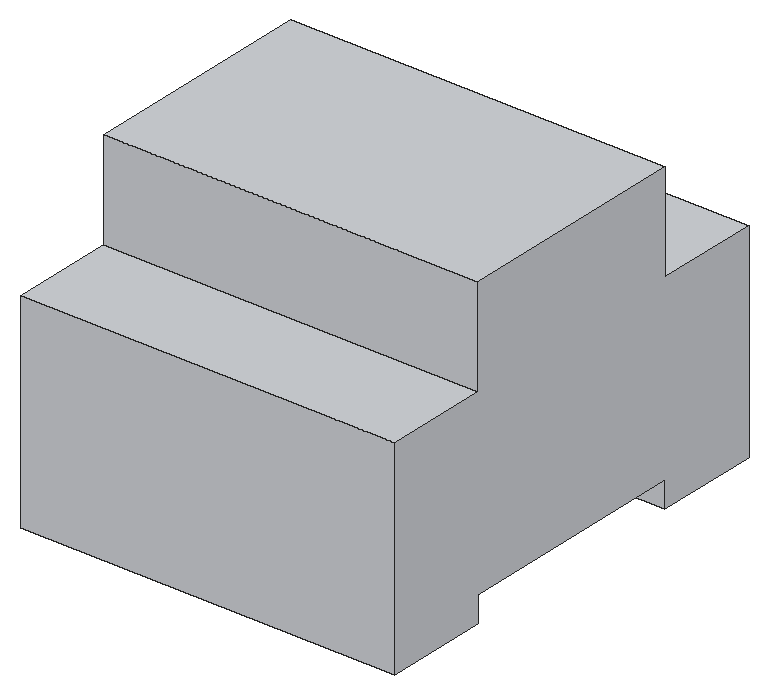
Revit family "Power-ModularDevices-GEWISS-90AM-ENERGY_METER_DIGITAL_THREE_PHASE", category Apparecchi elettrici, host Superficie, Revit 2016
Family settings
  Host = Superficie
  Mantenere orientamento annotazione = Sì
  Tipo di parte = Normale
  Quota connettore circolare = Usa diametro
  Numero OmniClass = 23.80.30.00
  Titolo OmniClass = Distribution Devices
  Taglio con vuoti quando caricato = No
  Condiviso = No
  Punto di calcolo locali = Sì
Parameters (values of type "GWD6809 - MID THREE PHASE METER INDIR. CT/5A 4M")
  dIST sIMBOLO [instance] = 6.4 mm  # constant formula
  Version file RFA = "18.0"
  URL = "https://www.gewiss.com/ww/en"
  Technical sheet = "https://www.gewiss.com/ww/en/search?q=GWD6809"
  TIPO = 90AM CONTATORI DI ENERGIA TRIFASE DIGITALE_GENERICO : GWD6808 - CONTATORE ENERGIA TRIF.INDIR.TA/5A 4M
  TEXT LABEL = ""
  Realized by GEWISS S.p.A. = ""
  Rated voltage = "400Vac"
  Default Elevation = 1219.2 mm
  Produttore = "GEWISS S.p.A."
  Potenza in Watt = 0 V
  Numero poli = 3
  No. Chorus modules = "4"
  Modello = "GWD6809"
  Insertion = "With TA/5A"
  Immagine tipo = GWD6808.jpg
  IFC.TypeObject = ""
  IFC.ExportType = ""
  IFC.ExportAs = ""
  IDT = "afdb2495-6e31-48e6-913b-854a097ff101"
  IDF = "e69c6942-c351-426b-8c99-b51ee961c434"
  Fin_Amperometro = none
  Electrocod = "163                 "
  EAN code = "8011564886780"
  Dist_dalla barra din [instance] = 5 mm
  Descrizione = "MID THREE PHASE METER INDIR. CT/5A 4M"
  D = 45 mm  # constant formula
  Catalogue Range = "90 AM"
  Catalogue = "POWER"
  COBie.Tagnumber = ""
  COBie.CreatedOn = ""
  COBie.CreatebBy = ""
  COBie.ComponentRegisterItemID = ""
  COBie.Component.TagNumber = ""
  COBie.Component.Space = ""
  COBie.Component.SerialNumber = ""
  COBie.Component.InstallationDate = ""
  COBie.Component.Description = ""
  COBie.Component.BarCode = ""
  C = 59 mm
  B = 85 mm  # constant formula
  Accuracy rate = "1 (active energy) 2 (reactive energy)"
  A = 18 mm  # constant formula
Reference planes
  plane 1 "Centro (Fronte/Retro)": y = 0
  plane 2: z = 0
  plane 3 "Centro (Sinistra/Destra)": x = 0
Dimensions and locks
  aligned and locked: plane 2 to host face
  aligned and locked: level to host face
  aligned and locked: plane 1 "Centro (Fronte/Retro)" to nested 1
Nested families
  nested 1: "90AM CONTATORI DI ENERGIA TRIFASE DIGITALE_GENERICO" at (0, 0, 0), type <- "TIPO", type "GWD6808 - CONTATORE ENERGIA TRIF.INDIR.TA/5A 4M"
Connectors
  electrical at (0, 42.5, 20), driven by "Numero poli", driven by "Potenza in Watt"
    settings: on nested 1, index 1, voltage 0 V, apparent load 0 VA, apparent load phase1 0 VA, apparent load phase2 0 VA, apparent load phase3 0 VA, power factor 1, load classification "Altro", number of poles 3, system type 31, power factor state 1, is connector primary yes, connector utility no, sub classification motor no, connector description ""
Definition of nested family "90AM CONTATORI DI ENERGIA TRIFASE DIGITALE_GENERICO"
  Parameters (values of type "GWD6808 - CONTATORE ENERGIA TRIF.INDIR.TA/5A 4M")
    Default Elevation = 1219.2 mm
    GWD6808 = yes
    GWD6806 = not(GWD6808)  # no
    Finitura Amperometro = none
    DIST_DALLA BARRA = 5 mm
    D = 45 mm
    C1 = 35 mm
    C = 59 mm
    B = 85 mm
    A = 72 mm
  Types (2, lengths in mm): name | GWD6808 | GWD6806
    GWD6808 - CONTATORE ENERGIA TRIF.INDIR.TA/5A 4M | yes | no
    GWD6806 - CONTATORE ENERGIA TRIF.DIRETTO 80A 4M | no | yes
  Reference planes
    plane 1 "Centro (Fronte/Retro)": y = 0
    plane 2: z = 0
    plane 3 "Centro (Sinistra/Destra)": x = 0
    plane 4: y = -22.5
    plane 5: y = 22.5
    plane 6: y = -32.5
    plane 7: y = 32.5
    plane 8: y = -42.5
    plane 9: y = 42.5
    plane 10 "AMPEROMETRO": z = 59
    plane 11: z = 0
    plane 12: z = 5
    plane 13 "forometria": z = 40
    plane 14: x = -36
    plane 15: x = 36
    plane 16: through (0, -1524, 57.378) normal (-0.6412, 0, 0.7674)
  Forms (mm)
    Extrusion 1, solid, material <- "Finitura Amperometro"
      sketch origin (0, 0, 5) x (0, 1, 0) y (0, 0, 1)
        loop
          line (-22.5, 54) -> (-22.5, 35) -> (-42.5, 35) -> (-42.5, -5) -> (-22.5, -5) -> (-22.5, 0) -> (22.5, 0) -> (22.5, -5) -> (42.5, -5) -> (42.5, 35) -> (22.5, 35) -> (22.5, 54) -> (-22.5, 54)
      from -36 to 36
    Extrusion 2, solid, material <- "Finitura Amperometro", detail levels coarse
      sketch origin (0, 0, 33.929) x (0, -1, 0) y (1, 0, 0)
        loop
          line (-42.5, -36) -> (42.5, -36) -> (42.5, 36) -> (-42.5, 36) -> (-42.5, -36)
      from -28.929 to 25.071
    Extrusion 3, solid, material <- "Finitura Amperometro", detail levels coarse
      sketch origin (0, 0, 0) x (0, 1, 0) y (0, 0, 1)
        loop
          line (-3.75, 57.378) -> (3.75, 57.378) -> (3.75, 59) -> (-3.75, 59) -> (-3.75, 57.378)
      from -4.396 to 4.396
  Cuts and joins
    joined: Extrusion 2, Extrusion 3
  Lines and regions (mm)
    model lines, visible <- "GWD6806", detail levels medium+fine
      curve 1: line (36, -22.5, 59) -> (36, 22.5, 59)
      curve 2: line (-36, 22.5, 59) -> (-36, -22.5, 59)
      curve 3: line (36, 22.5, 59) -> (-36, 22.5, 59)
      curve 4: line (36, -22.5, 59) -> (-36, -22.5, 59)
      curve 90: line (11.991, -20.282, 59) -> (14.097, -19.718, 59)
      curve 91: line (14.097, -19.718, 59) -> (15.639, -18.176, 59)
      curve 92: line (15.639, -18.176, 59) -> (16.203, -16.07, 59)
      curve 93: line (16.203, -16.07, 59) -> (15.639, -13.964, 59)
      curve 94: line (15.639, -13.964, 59) -> (14.097, -12.422, 59)
      curve 95: line (14.097, -12.422, 59) -> (11.991, -11.858, 59)
      curve 96: line (11.991, -11.858, 59) -> (9.885, -12.422, 59)
      curve 97: line (9.885, -12.422, 59) -> (8.344, -13.964, 59)
      curve 98: line (8.344, -13.964, 59) -> (7.779, -16.07, 59)
      curve 99: line (7.779, -16.07, 59) -> (8.344, -18.176, 59)
      curve 100: line (8.344, -18.176, 59) -> (9.885, -19.718, 59)
      curve 101: line (9.885, -19.718, 59) -> (11.991, -20.282, 59)
      curve 102: line (-21.904, -14.846, 59) -> (-21.13, -14.638, 59)
      curve 103: line (-21.13, -14.638, 59) -> (-20.563, -14.071, 59)
      curve 104: line (-20.563, -14.071, 59) -> (-20.356, -13.297, 59)
      curve 105: line (-20.356, -13.297, 59) -> (-20.563, -12.522, 59)
      curve 106: line (-20.563, -12.522, 59) -> (-21.13, -11.956, 59)
      curve 107: line (-21.13, -11.956, 59) -> (-21.904, -11.748, 59)
      curve 108: line (-21.904, -11.748, 59) -> (-22.679, -11.956, 59)
      curve 109: line (-22.679, -11.956, 59) -> (-23.246, -12.522, 59)
      curve 110: line (-23.246, -12.522, 59) -> (-23.453, -13.297, 59)
      curve 111: line (-23.453, -13.297, 59) -> (-23.246, -14.071, 59)
      curve 112: line (-23.246, -14.071, 59) -> (-22.679, -14.638, 59)
      curve 113: line (-22.679, -14.638, 59) -> (-21.904, -14.846, 59)
      curve 114: line (11.991, -17.619, 59) -> (12.766, -17.411, 59)
      curve 115: line (12.766, -17.411, 59) -> (13.333, -16.844, 59)
      curve 116: line (13.333, -16.844, 59) -> (13.54, -16.07, 59)
      curve 117: line (13.54, -16.07, 59) -> (13.333, -15.296, 59)
      curve 118: line (13.333, -15.296, 59) -> (12.766, -14.729, 59)
      curve 119: line (12.766, -14.729, 59) -> (11.991, -14.521, 59)
      curve 120: line (11.991, -14.521, 59) -> (11.217, -14.729, 59)
      curve 121: line (11.217, -14.729, 59) -> (10.65, -15.296, 59)
      curve 122: line (10.65, -15.296, 59) -> (10.442, -16.07, 59)
      curve 123: line (10.442, -16.07, 59) -> (10.65, -16.844, 59)
      curve 124: line (10.65, -16.844, 59) -> (11.217, -17.411, 59)
      curve 125: line (11.217, -17.411, 59) -> (11.991, -17.619, 59)
      curve 126: line (-29.55, 13.575, 59) -> (-29.55, -5.5, 59)
      curve 127: line (-29.55, -5.5, 59) -> (-0.5, -5.5, 59)
      curve 128: line (-0.5, -5.5, 59) -> (-0.5, 13.575, 59)
      curve 129: line (-0.5, 13.575, 59) -> (-29.55, 13.575, 59)
      curve 517: line (-36, -42.5, 40) -> (36, -42.5, 40)
      curve 518: line (36, 22.5, 40) -> (36, 42.5, 40)
      curve 519: line (36, 42.5, 40) -> (-36, 42.5, 40)
      curve 520: line (-36, 42.5, 40) -> (-36, 22.5, 40)
      curve 521: line (36, 22.5, 40) -> (-36, 22.5, 40)
      curve 522: line (36, -22.5, 40) -> (-36, -22.5, 40)
      curve 523: line (-36, -22.5, 40) -> (-36, -42.5, 40)
      curve 524: line (36, -42.5, 40) -> (36, -22.5, 40)
      curve 525: circle (-26, -33.198, 40) r 3.254 normal (0, 0, 1)
      curve 526: circle (-15.6, -33.198, 40) r 3.254 normal (0, 0, 1)
      curve 527: circle (-5.2, -33.198, 40) r 3.254 normal (0, 0, 1)
      curve 528: circle (5.2, -33.198, 40) r 3.254 normal (0, 0, 1)
      curve 529: circle (15.6, -33.198, 40) r 3.254 normal (0, 0, 1)
      curve 530: circle (26, -33.198, 40) r 3.254 normal (0, 0, 1)
      curve 531: circle (-9.436, 37.064, 40) r 1.608 normal (0, 0, 1)
      curve 532: circle (-2.77, 37.064, 40) r 1.608 normal (0, 0, 1)
      curve 533: circle (3.897, 37.064, 40) r 1.608 normal (0, 0, 1)
      curve 534: circle (10.564, 37.064, 40) r 1.608 normal (0, 0, 1)
      curve 535: circle (17.23, 37.064, 40) r 1.608 normal (0, 0, 1)
      curve 536: circle (23.897, 37.064, 40) r 1.608 normal (0, 0, 1)
      curve 537: circle (30.564, 37.064, 40) r 1.608 normal (0, 0, 1)
      curve 538: circle (-26, 33.198, 40) r 3.144 normal (0, 0, 1)
    model lines, visible <- "GWD6806", detail levels fine
      curve 5: line (-31.5, -18.104, 59) -> (-31.5, -20.298, 59)
      curve 6: line (-31.5, -20.298, 59) -> (-32.235, -20.298, 59)
      curve 7: line (-32.235, -20.298, 59) -> (-32.661, -20.245, 59)
      curve 8: line (-32.661, -20.245, 59) -> (-33.183, -20.014, 59)
      curve 9: line (-33.183, -20.014, 59) -> (-33.597, -19.629, 59)
      curve 10: line (-33.597, -19.629, 59) -> (-33.872, -19.111, 59)
      curve 11: line (-33.872, -19.111, 59) -> (-33.957, -18.559, 59)
      curve 12: line (-33.957, -18.559, 59) -> (-33.874, -18.05, 59)
      curve 13: line (-33.874, -18.05, 59) -> (-33.654, -17.602, 59)
      curve 14: line (-33.654, -17.602, 59) -> (-33.259, -17.192, 59)
      curve 15: line (-33.259, -17.192, 59) -> (-32.78, -16.943, 59)
      curve 16: line (-32.78, -16.943, 59) -> (-32.242, -16.855, 59)
      curve 17: line (-32.242, -16.855, 59) -> (-31.5, -16.855, 59)
      curve 18: line (-31.5, -16.855, 59) -> (-31.5, -17.801, 59)
      curve 19: line (-31.5, -17.801, 59) -> (-32.748, -17.801, 59)
      curve 20: line (-32.748, -17.801, 59) -> (-32.748, -19.353, 59)
      curve 21: line (-32.748, -19.353, 59) -> (-32.444, -19.353, 59)
      curve 22: line (-32.444, -19.353, 59) -> (-32.444, -18.104, 59)
      curve 23: line (-32.444, -18.104, 59) -> (-31.5, -18.104, 59)
      curve 24: line (-28.529, -20.299, 59) -> (-31.197, -20.299, 59)
      curve 25: line (-31.197, -20.299, 59) -> (-31.197, -16.855, 59)
      curve 26: line (-31.197, -16.855, 59) -> (-29.778, -16.855, 59)
      curve 27: line (-29.778, -16.855, 59) -> (-29.778, -17.801, 59)
      curve 28: line (-29.778, -17.801, 59) -> (-30.251, -17.801, 59)
      curve 29: line (-30.251, -17.801, 59) -> (-30.251, -18.103, 59)
      curve 30: line (-30.251, -18.103, 59) -> (-28.529, -18.103, 59)
      curve 31: line (-28.529, -18.103, 59) -> (-28.529, -19.05, 59)
      curve 32: line (-28.529, -19.05, 59) -> (-30.25, -19.05, 59)
      curve 33: line (-30.25, -19.05, 59) -> (-30.25, -19.352, 59)
      curve 34: line (-30.25, -19.352, 59) -> (-28.529, -19.352, 59)
      curve 35: line (-28.529, -19.352, 59) -> (-28.529, -20.299, 59)
      curve 36: line (-23.704, -20.299, 59) -> (-23.704, -18.104, 59)
      curve 37: line (-23.704, -18.104, 59) -> (-24.65, -18.104, 59)
      curve 38: line (-24.65, -18.104, 59) -> (-24.65, -20.299, 59)
      curve 39: line (-24.65, -20.299, 59) -> (-23.704, -20.299, 59)
      curve 40: line (-26.873, -20.299, 59) -> (-26.589, -18.879, 59)
      curve 41: line (-26.589, -18.879, 59) -> (-26.306, -20.299, 59)
      curve 42: line (-26.306, -20.299, 59) -> (-25.359, -20.299, 59)
      curve 43: line (-25.359, -20.299, 59) -> (-24.773, -17.801, 59)
      curve 44: line (-24.773, -17.801, 59) -> (-23.704, -17.801, 59)
      curve 45: line (-23.704, -17.801, 59) -> (-23.704, -16.855, 59)
      curve 46: line (-23.704, -16.855, 59) -> (-25.52, -16.855, 59)
      curve 47: line (-25.52, -16.855, 59) -> (-25.861, -18.312, 59)
      curve 48: line (-25.861, -18.312, 59) -> (-26.097, -16.855, 59)
      curve 49: line (-26.097, -16.855, 59) -> (-27.081, -16.855, 59)
      curve 50: line (-27.081, -16.855, 59) -> (-27.318, -18.312, 59)
      curve 51: line (-27.318, -18.312, 59) -> (-27.658, -16.855, 59)
      curve 52: line (-27.658, -16.855, 59) -> (-29.475, -16.855, 59)
      curve 53: line (-29.475, -16.855, 59) -> (-29.475, -17.801, 59)
      curve 54: line (-29.475, -17.801, 59) -> (-28.406, -17.801, 59)
      curve 55: line (-28.406, -17.801, 59) -> (-27.82, -20.299, 59)
      curve 56: line (-27.82, -20.299, 59) -> (-26.873, -20.299, 59)
      curve 57: line (-20.733, -16.855, 59) -> (-23.401, -16.855, 59)
      curve 58: line (-23.401, -16.855, 59) -> (-23.401, -19.05, 59)
      curve 59: line (-23.401, -19.05, 59) -> (-21.679, -19.05, 59)
      curve 60: line (-21.679, -19.05, 59) -> (-21.679, -19.352, 59)
      curve 61: line (-21.679, -19.352, 59) -> (-23.401, -19.352, 59)
      curve 62: line (-23.401, -19.352, 59) -> (-23.401, -20.299, 59)
      curve 63: line (-23.401, -20.299, 59) -> (-20.733, -20.299, 59)
      curve 64: line (-20.733, -20.299, 59) -> (-20.733, -18.104, 59)
      curve 65: line (-20.733, -18.104, 59) -> (-22.455, -18.104, 59)
      curve 66: line (-22.455, -18.104, 59) -> (-22.455, -17.801, 59)
      curve 67: line (-22.455, -17.801, 59) -> (-20.733, -17.801, 59)
      curve 68: line (-20.733, -17.801, 59) -> (-20.733, -16.855, 59)
      curve 69: line (-20.43, -16.855, 59) -> (-20.43, -19.05, 59)
      curve 70: line (-20.43, -19.05, 59) -> (-18.825, -19.05, 59)
      curve 71: line (-18.825, -19.05, 59) -> (-18.825, -19.352, 59)
      curve 72: line (-18.825, -19.352, 59) -> (-20.43, -19.352, 59)
      curve 73: line (-20.43, -19.352, 59) -> (-20.43, -20.299, 59)
      curve 74: line (-20.43, -20.299, 59) -> (-19.484, -20.299, 59)
      curve 75: line (-19.484, -20.299, 59) -> (-18.938, -20.123, 59)
      curve 76: line (-18.938, -20.123, 59) -> (-18.585, -19.893, 59)
      curve 77: line (-18.585, -19.893, 59) -> (-18.182, -19.398, 59)
      curve 78: line (-18.182, -19.398, 59) -> (-17.994, -18.842, 59)
      curve 79: line (-17.994, -18.842, 59) -> (-17.988, -18.349, 59)
      curve 80: line (-17.988, -18.349, 59) -> (-18.04, -18.104, 59)
      curve 81: line (-18.04, -18.104, 59) -> (-19.484, -18.104, 59)
      curve 82: line (-19.484, -18.104, 59) -> (-19.484, -17.801, 59)
      curve 83: line (-19.484, -17.801, 59) -> (-18.168, -17.801, 59)
      curve 84: line (-18.168, -17.801, 59) -> (-18.339, -17.515, 59)
      curve 85: line (-18.339, -17.515, 59) -> (-18.585, -17.26, 59)
      curve 86: line (-18.585, -17.26, 59) -> (-18.928, -17.035, 59)
      curve 87: line (-18.928, -17.035, 59) -> (-19.286, -16.904, 59)
      curve 88: line (-19.286, -16.904, 59) -> (-19.688, -16.855, 59)
      curve 89: line (-19.688, -16.855, 59) -> (-20.43, -16.855, 59)
    model lines, visible <- "GWD6806", not visible, detail levels medium+fine
      curve 130: line (138.388, 56.52, 59) -> (138.388, 101.52, 59)
      curve 131: line (66.388, 101.52, 59) -> (66.388, 56.52, 59)
      curve 132: line (138.388, 101.52, 59) -> (66.388, 101.52, 59)
      curve 133: line (138.388, 56.52, 59) -> (66.388, 56.52, 59)
      curve 219: line (114.379, 58.738, 59) -> (116.485, 59.302, 59)
      curve 220: line (116.485, 59.302, 59) -> (118.026, 60.844, 59)
      curve 221: line (118.026, 60.844, 59) -> (118.591, 62.95, 59)
      curve 222: line (118.591, 62.95, 59) -> (118.026, 65.056, 59)
      curve 223: line (118.026, 65.056, 59) -> (116.485, 66.598, 59)
      curve 224: line (116.485, 66.598, 59) -> (114.379, 67.162, 59)
      curve 225: line (114.379, 67.162, 59) -> (112.273, 66.598, 59)
      curve 226: line (112.273, 66.598, 59) -> (110.731, 65.056, 59)
      curve 227: line (110.731, 65.056, 59) -> (110.167, 62.95, 59)
      curve 228: line (110.167, 62.95, 59) -> (110.731, 60.844, 59)
      curve 229: line (110.731, 60.844, 59) -> (112.273, 59.302, 59)
      curve 230: line (112.273, 59.302, 59) -> (114.379, 58.738, 59)
      curve 231: line (80.483, 64.174, 59) -> (81.257, 64.382, 59)
      curve 232: line (81.257, 64.382, 59) -> (81.824, 64.949, 59)
      curve 233: line (81.824, 64.949, 59) -> (82.032, 65.723, 59)
      curve 234: line (82.032, 65.723, 59) -> (81.824, 66.498, 59)
      curve 235: line (81.824, 66.498, 59) -> (81.257, 67.065, 59)
      curve 236: line (81.257, 67.065, 59) -> (80.483, 67.272, 59)
      curve 237: line (80.483, 67.272, 59) -> (79.709, 67.065, 59)
      curve 238: line (79.709, 67.065, 59) -> (79.142, 66.498, 59)
      curve 239: line (79.142, 66.498, 59) -> (78.934, 65.723, 59)
      curve 240: line (78.934, 65.723, 59) -> (79.142, 64.949, 59)
      curve 241: line (79.142, 64.949, 59) -> (79.709, 64.382, 59)
      curve 242: line (79.709, 64.382, 59) -> (80.483, 64.174, 59)
      curve 243: line (114.379, 61.401, 59) -> (115.153, 61.609, 59)
      curve 244: line (115.153, 61.609, 59) -> (115.72, 62.176, 59)
      curve 245: line (115.72, 62.176, 59) -> (115.928, 62.95, 59)
      curve 246: line (115.928, 62.95, 59) -> (115.72, 63.724, 59)
      curve 247: line (115.72, 63.724, 59) -> (115.153, 64.291, 59)
      curve 248: line (115.153, 64.291, 59) -> (114.379, 64.499, 59)
      curve 249: line (114.379, 64.499, 59) -> (113.604, 64.291, 59)
      curve 250: line (113.604, 64.291, 59) -> (113.037, 63.724, 59)
      curve 251: line (113.037, 63.724, 59) -> (112.83, 62.95, 59)
      curve 252: line (112.83, 62.95, 59) -> (113.037, 62.176, 59)
      curve 253: line (113.037, 62.176, 59) -> (113.604, 61.609, 59)
      curve 254: line (113.604, 61.609, 59) -> (114.379, 61.401, 59)
      curve 255: line (72.837, 92.595, 59) -> (72.837, 73.52, 59)
      curve 256: line (72.837, 73.52, 59) -> (101.888, 73.52, 59)
      curve 257: line (101.888, 73.52, 59) -> (101.888, 92.595, 59)
      curve 258: line (101.888, 92.595, 59) -> (72.837, 92.595, 59)
      curve 539: line (137.77, 169.144, 40) -> (209.77, 169.144, 40)
      curve 540: line (209.77, 234.144, 40) -> (209.77, 254.144, 40)
      curve 541: line (209.77, 254.144, 40) -> (137.77, 254.144, 40)
      curve 542: line (137.77, 254.144, 40) -> (137.77, 234.144, 40)
      curve 543: line (209.77, 234.144, 40) -> (137.77, 234.144, 40)
      curve 544: line (209.77, 189.144, 40) -> (137.77, 189.144, 40)
      curve 545: line (137.77, 189.144, 40) -> (137.77, 169.144, 40)
      curve 546: line (209.77, 169.144, 40) -> (209.77, 189.144, 40)
      curve 547: circle (147.77, 178.446, 40) r 3.254 normal (0, 0, 1)
      curve 548: circle (158.17, 178.446, 40) r 3.254 normal (0, 0, 1)
      curve 549: circle (168.57, 178.446, 40) r 3.254 normal (0, 0, 1)
      curve 550: circle (178.97, 178.446, 40) r 3.254 normal (0, 0, 1)
      curve 551: circle (189.37, 178.446, 40) r 3.254 normal (0, 0, 1)
      curve 552: circle (199.77, 178.446, 40) r 3.254 normal (0, 0, 1)
      curve 553: circle (164.334, 248.708, 40) r 1.608 normal (0, 0, 1)
      curve 554: circle (171.001, 248.708, 40) r 1.608 normal (0, 0, 1)
      curve 555: circle (177.667, 248.708, 40) r 1.608 normal (0, 0, 1)
      curve 556: circle (184.334, 248.708, 40) r 1.608 normal (0, 0, 1)
      curve 557: circle (191.001, 248.708, 40) r 1.608 normal (0, 0, 1)
      curve 558: circle (197.667, 248.708, 40) r 1.608 normal (0, 0, 1)
      curve 559: circle (204.334, 248.708, 40) r 1.608 normal (0, 0, 1)
      curve 560: circle (147.77, 244.843, 40) r 3.144 normal (0, 0, 1)
    model lines, visible <- "GWD6806", not visible, detail levels fine
      curve 134: line (70.888, 60.916, 59) -> (70.888, 58.722, 59)
      curve 135: line (70.888, 58.722, 59) -> (70.153, 58.722, 59)
      curve 136: line (70.153, 58.722, 59) -> (69.726, 58.775, 59)
      curve 137: line (69.726, 58.775, 59) -> (69.205, 59.006, 59)
      curve 138: line (69.205, 59.006, 59) -> (68.79, 59.391, 59)
      curve 139: line (68.79, 59.391, 59) -> (68.516, 59.909, 59)
      curve 140: line (68.516, 59.909, 59) -> (68.431, 60.461, 59)
      curve 141: line (68.431, 60.461, 59) -> (68.513, 60.97, 59)
      curve 142: line (68.513, 60.97, 59) -> (68.733, 61.418, 59)
      curve 143: line (68.733, 61.418, 59) -> (69.129, 61.828, 59)
      curve 144: line (69.129, 61.828, 59) -> (69.607, 62.077, 59)
      curve 145: line (69.607, 62.077, 59) -> (70.145, 62.165, 59)
      curve 146: line (70.145, 62.165, 59) -> (70.888, 62.165, 59)
      curve 147: line (70.888, 62.165, 59) -> (70.888, 61.219, 59)
      curve 148: line (70.888, 61.219, 59) -> (69.639, 61.219, 59)
      curve 149: line (69.639, 61.219, 59) -> (69.639, 59.668, 59)
      curve 150: line (69.639, 59.668, 59) -> (69.943, 59.668, 59)
      curve 151: line (69.943, 59.668, 59) -> (69.943, 60.916, 59)
      curve 152: line (69.943, 60.916, 59) -> (70.888, 60.916, 59)
      curve 153: line (73.859, 58.722, 59) -> (71.191, 58.722, 59)
      curve 154: line (71.191, 58.722, 59) -> (71.191, 62.165, 59)
      curve 155: line (71.191, 62.165, 59) -> (72.61, 62.165, 59)
      curve 156: line (72.61, 62.165, 59) -> (72.61, 61.219, 59)
      curve 157: line (72.61, 61.219, 59) -> (72.136, 61.219, 59)
      curve 158: line (72.136, 61.219, 59) -> (72.136, 60.917, 59)
      curve 159: line (72.136, 60.917, 59) -> (73.859, 60.917, 59)
      curve 160: line (73.859, 60.917, 59) -> (73.859, 59.97, 59)
      curve 161: line (73.859, 59.97, 59) -> (72.137, 59.97, 59)
      curve 162: line (72.137, 59.97, 59) -> (72.137, 59.668, 59)
      curve 163: line (72.137, 59.668, 59) -> (73.859, 59.668, 59)
      curve 164: line (73.859, 59.668, 59) -> (73.859, 58.722, 59)
      curve 165: line (78.684, 58.722, 59) -> (78.684, 60.916, 59)
      curve 166: line (78.684, 60.916, 59) -> (77.738, 60.916, 59)
      curve 167: line (77.738, 60.916, 59) -> (77.738, 58.722, 59)
      curve 168: line (77.738, 58.722, 59) -> (78.684, 58.722, 59)
      curve 169: line (75.514, 58.722, 59) -> (75.798, 60.141, 59)
      curve 170: line (75.798, 60.141, 59) -> (76.082, 58.722, 59)
      curve 171: line (76.082, 58.722, 59) -> (77.028, 58.722, 59)
      curve 172: line (77.028, 58.722, 59) -> (77.615, 61.219, 59)
      curve 173: line (77.615, 61.219, 59) -> (78.684, 61.219, 59)
      curve 174: line (78.684, 61.219, 59) -> (78.684, 62.165, 59)
      curve 175: line (78.684, 62.165, 59) -> (76.867, 62.165, 59)
      curve 176: line (76.867, 62.165, 59) -> (76.527, 60.708, 59)
      curve 177: line (76.527, 60.708, 59) -> (76.29, 62.165, 59)
      curve 178: line (76.29, 62.165, 59) -> (75.306, 62.165, 59)
      curve 179: line (75.306, 62.165, 59) -> (75.07, 60.708, 59)
      curve 180: line (75.07, 60.708, 59) -> (74.729, 62.165, 59)
      curve 181: line (74.729, 62.165, 59) -> (72.913, 62.165, 59)
      curve 182: line (72.913, 62.165, 59) -> (72.913, 61.219, 59)
      curve 183: line (72.913, 61.219, 59) -> (73.982, 61.219, 59)
      curve 184: line (73.982, 61.219, 59) -> (74.567, 58.722, 59)
      curve 185: line (74.567, 58.722, 59) -> (75.514, 58.722, 59)
      curve 186: line (81.654, 62.165, 59) -> (78.986, 62.165, 59)
      curve 187: line (78.986, 62.165, 59) -> (78.986, 59.97, 59)
      curve 188: line (78.986, 59.97, 59) -> (80.708, 59.97, 59)
      curve 189: line (80.708, 59.97, 59) -> (80.708, 59.668, 59)
      curve 190: line (80.708, 59.668, 59) -> (78.986, 59.668, 59)
      curve 191: line (78.986, 59.668, 59) -> (78.986, 58.722, 59)
      curve 192: line (78.986, 58.722, 59) -> (81.654, 58.722, 59)
      curve 193: line (81.654, 58.722, 59) -> (81.654, 60.916, 59)
      curve 194: line (81.654, 60.916, 59) -> (79.933, 60.916, 59)
      curve 195: line (79.933, 60.916, 59) -> (79.933, 61.219, 59)
      curve 196: line (79.933, 61.219, 59) -> (81.654, 61.219, 59)
      curve 197: line (81.654, 61.219, 59) -> (81.654, 62.165, 59)
      curve 198: line (81.957, 62.165, 59) -> (81.957, 59.97, 59)
      curve 199: line (81.957, 59.97, 59) -> (83.563, 59.97, 59)
      curve 200: line (83.563, 59.97, 59) -> (83.563, 59.668, 59)
      curve 201: line (83.563, 59.668, 59) -> (81.957, 59.668, 59)
      curve 202: line (81.957, 59.668, 59) -> (81.957, 58.722, 59)
      curve 203: line (81.957, 58.722, 59) -> (82.903, 58.722, 59)
      curve 204: line (82.903, 58.722, 59) -> (83.45, 58.897, 59)
      curve 205: line (83.45, 58.897, 59) -> (83.802, 59.127, 59)
      curve 206: line (83.802, 59.127, 59) -> (84.206, 59.622, 59)
      curve 207: line (84.206, 59.622, 59) -> (84.394, 60.178, 59)
      curve 208: line (84.394, 60.178, 59) -> (84.399, 60.671, 59)
      curve 209: line (84.399, 60.671, 59) -> (84.348, 60.916, 59)
      curve 210: line (84.348, 60.916, 59) -> (82.903, 60.916, 59)
      curve 211: line (82.903, 60.916, 59) -> (82.903, 61.219, 59)
      curve 212: line (82.903, 61.219, 59) -> (84.219, 61.219, 59)
      curve 213: line (84.219, 61.219, 59) -> (84.048, 61.505, 59)
      curve 214: line (84.048, 61.505, 59) -> (83.802, 61.76, 59)
      curve 215: line (83.802, 61.76, 59) -> (83.46, 61.985, 59)
      curve 216: line (83.46, 61.985, 59) -> (83.102, 62.116, 59)
      curve 217: line (83.102, 62.116, 59) -> (82.7, 62.165, 59)
      curve 218: line (82.7, 62.165, 59) -> (81.957, 62.165, 59)
    model lines, detail levels medium+fine
      curve 259: line (36, -22.5, 59) -> (36, 22.5, 59)
      curve 260: line (-36, 22.5, 59) -> (-36, -22.5, 59)
      curve 261: line (36, 22.5, 59) -> (-36, 22.5, 59)
      curve 262: line (36, -22.5, 59) -> (-36, -22.5, 59)
      curve 348: line (11.991, -20.282, 59) -> (14.097, -19.718, 59)
      curve 349: line (14.097, -19.718, 59) -> (15.639, -18.176, 59)
      curve 350: line (15.639, -18.176, 59) -> (16.203, -16.07, 59)
      curve 351: line (16.203, -16.07, 59) -> (15.639, -13.964, 59)
      curve 352: line (15.639, -13.964, 59) -> (14.097, -12.422, 59)
      curve 353: line (14.097, -12.422, 59) -> (11.991, -11.858, 59)
      curve 354: line (11.991, -11.858, 59) -> (9.885, -12.422, 59)
      curve 355: line (9.885, -12.422, 59) -> (8.344, -13.964, 59)
      curve 356: line (8.344, -13.964, 59) -> (7.779, -16.07, 59)
      curve 357: line (7.779, -16.07, 59) -> (8.344, -18.176, 59)
      curve 358: line (8.344, -18.176, 59) -> (9.885, -19.718, 59)
      curve 359: line (9.885, -19.718, 59) -> (11.991, -20.282, 59)
      curve 372: line (11.991, -17.619, 59) -> (12.766, -17.411, 59)
      curve 373: line (12.766, -17.411, 59) -> (13.333, -16.844, 59)
      curve 374: line (13.333, -16.844, 59) -> (13.54, -16.07, 59)
      curve 375: line (13.54, -16.07, 59) -> (13.333, -15.296, 59)
      curve 376: line (13.333, -15.296, 59) -> (12.766, -14.729, 59)
      curve 377: line (12.766, -14.729, 59) -> (11.991, -14.521, 59)
      curve 378: line (11.991, -14.521, 59) -> (11.217, -14.729, 59)
      curve 379: line (11.217, -14.729, 59) -> (10.65, -15.296, 59)
      curve 380: line (10.65, -15.296, 59) -> (10.442, -16.07, 59)
      curve 381: line (10.442, -16.07, 59) -> (10.65, -16.844, 59)
      curve 382: line (10.65, -16.844, 59) -> (11.217, -17.411, 59)
      curve 383: line (11.217, -17.411, 59) -> (11.991, -17.619, 59)
      curve 384: line (-29.55, 13.575, 59) -> (-29.55, -5.5, 59)
      curve 385: line (-29.55, -5.5, 59) -> (-0.5, -5.5, 59)
      curve 386: line (-0.5, -5.5, 59) -> (-0.5, 13.575, 59)
      curve 387: line (-0.5, 13.575, 59) -> (-29.55, 13.575, 59)
    model lines, detail levels fine
      curve 263: line (-31.5, -18.104, 59) -> (-31.5, -20.298, 59)
      curve 264: line (-31.5, -20.298, 59) -> (-32.235, -20.298, 59)
      curve 265: line (-32.235, -20.298, 59) -> (-32.661, -20.245, 59)
      curve 266: line (-32.661, -20.245, 59) -> (-33.183, -20.014, 59)
      curve 267: line (-33.183, -20.014, 59) -> (-33.597, -19.629, 59)
      curve 268: line (-33.597, -19.629, 59) -> (-33.872, -19.111, 59)
      curve 269: line (-33.872, -19.111, 59) -> (-33.957, -18.559, 59)
      curve 270: line (-33.957, -18.559, 59) -> (-33.874, -18.05, 59)
      curve 271: line (-33.874, -18.05, 59) -> (-33.654, -17.602, 59)
      curve 272: line (-33.654, -17.602, 59) -> (-33.259, -17.192, 59)
      curve 273: line (-33.259, -17.192, 59) -> (-32.78, -16.943, 59)
      curve 274: line (-32.78, -16.943, 59) -> (-32.242, -16.855, 59)
      curve 275: line (-32.242, -16.855, 59) -> (-31.5, -16.855, 59)
      curve 276: line (-31.5, -16.855, 59) -> (-31.5, -17.801, 59)
      curve 277: line (-31.5, -17.801, 59) -> (-32.748, -17.801, 59)
      curve 278: line (-32.748, -17.801, 59) -> (-32.748, -19.353, 59)
      curve 279: line (-32.748, -19.353, 59) -> (-32.444, -19.353, 59)
      curve 280: line (-32.444, -19.353, 59) -> (-32.444, -18.104, 59)
      curve 281: line (-32.444, -18.104, 59) -> (-31.5, -18.104, 59)
      curve 282: line (-28.529, -20.299, 59) -> (-31.197, -20.299, 59)
      curve 283: line (-31.197, -20.299, 59) -> (-31.197, -16.855, 59)
      curve 284: line (-31.197, -16.855, 59) -> (-29.778, -16.855, 59)
      curve 285: line (-29.778, -16.855, 59) -> (-29.778, -17.801, 59)
      curve 286: line (-29.778, -17.801, 59) -> (-30.251, -17.801, 59)
      curve 287: line (-30.251, -17.801, 59) -> (-30.251, -18.103, 59)
      curve 288: line (-30.251, -18.103, 59) -> (-28.529, -18.103, 59)
      curve 289: line (-28.529, -18.103, 59) -> (-28.529, -19.05, 59)
      curve 290: line (-28.529, -19.05, 59) -> (-30.25, -19.05, 59)
      curve 291: line (-30.25, -19.05, 59) -> (-30.25, -19.352, 59)
      curve 292: line (-30.25, -19.352, 59) -> (-28.529, -19.352, 59)
      curve 293: line (-28.529, -19.352, 59) -> (-28.529, -20.299, 59)
      curve 294: line (-23.704, -20.299, 59) -> (-23.704, -18.104, 59)
      curve 295: line (-23.704, -18.104, 59) -> (-24.65, -18.104, 59)
      curve 296: line (-24.65, -18.104, 59) -> (-24.65, -20.299, 59)
      curve 297: line (-24.65, -20.299, 59) -> (-23.704, -20.299, 59)
      curve 298: line (-26.873, -20.299, 59) -> (-26.589, -18.879, 59)
      curve 299: line (-26.589, -18.879, 59) -> (-26.306, -20.299, 59)
      curve 300: line (-26.306, -20.299, 59) -> (-25.359, -20.299, 59)
      curve 301: line (-25.359, -20.299, 59) -> (-24.773, -17.801, 59)
      curve 302: line (-24.773, -17.801, 59) -> (-23.704, -17.801, 59)
      curve 303: line (-23.704, -17.801, 59) -> (-23.704, -16.855, 59)
      curve 304: line (-23.704, -16.855, 59) -> (-25.52, -16.855, 59)
      curve 305: line (-25.52, -16.855, 59) -> (-25.861, -18.312, 59)
      curve 306: line (-25.861, -18.312, 59) -> (-26.097, -16.855, 59)
      curve 307: line (-26.097, -16.855, 59) -> (-27.081, -16.855, 59)
      curve 308: line (-27.081, -16.855, 59) -> (-27.318, -18.312, 59)
      curve 309: line (-27.318, -18.312, 59) -> (-27.658, -16.855, 59)
      curve 310: line (-27.658, -16.855, 59) -> (-29.475, -16.855, 59)
      curve 311: line (-29.475, -16.855, 59) -> (-29.475, -17.801, 59)
      curve 312: line (-29.475, -17.801, 59) -> (-28.406, -17.801, 59)
      curve 313: line (-28.406, -17.801, 59) -> (-27.82, -20.299, 59)
      curve 314: line (-27.82, -20.299, 59) -> (-26.873, -20.299, 59)
      curve 315: line (-20.733, -16.855, 59) -> (-23.401, -16.855, 59)
      curve 316: line (-23.401, -16.855, 59) -> (-23.401, -19.05, 59)
      curve 317: line (-23.401, -19.05, 59) -> (-21.679, -19.05, 59)
      curve 318: line (-21.679, -19.05, 59) -> (-21.679, -19.352, 59)
      curve 319: line (-21.679, -19.352, 59) -> (-23.401, -19.352, 59)
      curve 320: line (-23.401, -19.352, 59) -> (-23.401, -20.299, 59)
      curve 321: line (-23.401, -20.299, 59) -> (-20.733, -20.299, 59)
      curve 322: line (-20.733, -20.299, 59) -> (-20.733, -18.104, 59)
      curve 323: line (-20.733, -18.104, 59) -> (-22.455, -18.104, 59)
      curve 324: line (-22.455, -18.104, 59) -> (-22.455, -17.801, 59)
      curve 325: line (-22.455, -17.801, 59) -> (-20.733, -17.801, 59)
      curve 326: line (-20.733, -17.801, 59) -> (-20.733, -16.855, 59)
      curve 327: line (-20.43, -16.855, 59) -> (-20.43, -19.05, 59)
      curve 328: line (-20.43, -19.05, 59) -> (-18.825, -19.05, 59)
      curve 329: line (-18.825, -19.05, 59) -> (-18.825, -19.352, 59)
      curve 330: line (-18.825, -19.352, 59) -> (-20.43, -19.352, 59)
      curve 331: line (-20.43, -19.352, 59) -> (-20.43, -20.299, 59)
      curve 332: line (-20.43, -20.299, 59) -> (-19.484, -20.299, 59)
      curve 333: line (-19.484, -20.299, 59) -> (-18.938, -20.123, 59)
      curve 334: line (-18.938, -20.123, 59) -> (-18.585, -19.893, 59)
      curve 335: line (-18.585, -19.893, 59) -> (-18.182, -19.398, 59)
      curve 336: line (-18.182, -19.398, 59) -> (-17.994, -18.842, 59)
      curve 337: line (-17.994, -18.842, 59) -> (-17.988, -18.349, 59)
      curve 338: line (-17.988, -18.349, 59) -> (-18.04, -18.104, 59)
      curve 339: line (-18.04, -18.104, 59) -> (-19.484, -18.104, 59)
      curve 340: line (-19.484, -18.104, 59) -> (-19.484, -17.801, 59)
      curve 341: line (-19.484, -17.801, 59) -> (-18.168, -17.801, 59)
      curve 342: line (-18.168, -17.801, 59) -> (-18.339, -17.515, 59)
      curve 343: line (-18.339, -17.515, 59) -> (-18.585, -17.26, 59)
      curve 344: line (-18.585, -17.26, 59) -> (-18.928, -17.035, 59)
      curve 345: line (-18.928, -17.035, 59) -> (-19.286, -16.904, 59)
      curve 346: line (-19.286, -16.904, 59) -> (-19.688, -16.855, 59)
      curve 347: line (-19.688, -16.855, 59) -> (-20.43, -16.855, 59)
    model lines
      curve 360: line (-21.904, -14.846, 59) -> (-21.13, -14.638, 59)
      curve 361: line (-21.13, -14.638, 59) -> (-20.563, -14.071, 59)
      curve 362: line (-20.563, -14.071, 59) -> (-20.356, -13.297, 59)
      curve 363: line (-20.356, -13.297, 59) -> (-20.563, -12.522, 59)
      curve 364: line (-20.563, -12.522, 59) -> (-21.13, -11.956, 59)
      curve 365: line (-21.13, -11.956, 59) -> (-21.904, -11.748, 59)
      curve 366: line (-21.904, -11.748, 59) -> (-22.679, -11.956, 59)
      curve 367: line (-22.679, -11.956, 59) -> (-23.246, -12.522, 59)
      curve 368: line (-23.246, -12.522, 59) -> (-23.453, -13.297, 59)
      curve 369: line (-23.453, -13.297, 59) -> (-23.246, -14.071, 59)
      curve 370: line (-23.246, -14.071, 59) -> (-22.679, -14.638, 59)
      curve 371: line (-22.679, -14.638, 59) -> (-21.904, -14.846, 59)
    model lines, not visible, detail levels medium+fine
      curve 388: line (265.336, 56.949, 59) -> (265.336, 101.949, 59)
      curve 389: line (193.336, 101.949, 59) -> (193.336, 56.949, 59)
      curve 390: line (265.336, 101.949, 59) -> (193.336, 101.949, 59)
      curve 391: line (265.336, 56.949, 59) -> (193.336, 56.949, 59)
      curve 477: line (241.328, 59.167, 59) -> (243.434, 59.731, 59)
      curve 478: line (243.434, 59.731, 59) -> (244.975, 61.273, 59)
      curve 479: line (244.975, 61.273, 59) -> (245.54, 63.379, 59)
      curve 480: line (245.54, 63.379, 59) -> (244.975, 65.485, 59)
      curve 481: line (244.975, 65.485, 59) -> (243.434, 67.027, 59)
      curve 482: line (243.434, 67.027, 59) -> (241.328, 67.591, 59)
      curve 483: line (241.328, 67.591, 59) -> (239.222, 67.027, 59)
      curve 484: line (239.222, 67.027, 59) -> (237.68, 65.485, 59)
      curve 485: line (237.68, 65.485, 59) -> (237.116, 63.379, 59)
      curve 486: line (237.116, 63.379, 59) -> (237.68, 61.273, 59)
      curve 487: line (237.68, 61.273, 59) -> (239.222, 59.731, 59)
      curve 488: line (239.222, 59.731, 59) -> (241.328, 59.167, 59)
      curve 501: line (241.328, 61.83, 59) -> (242.102, 62.038, 59)
      curve 502: line (242.102, 62.038, 59) -> (242.669, 62.605, 59)
      curve 503: line (242.669, 62.605, 59) -> (242.877, 63.379, 59)
      curve 504: line (242.877, 63.379, 59) -> (242.669, 64.153, 59)
      curve 505: line (242.669, 64.153, 59) -> (242.102, 64.72, 59)
      curve 506: line (242.102, 64.72, 59) -> (241.328, 64.928, 59)
      curve 507: line (241.328, 64.928, 59) -> (240.553, 64.72, 59)
      curve 508: line (240.553, 64.72, 59) -> (239.986, 64.153, 59)
      curve 509: line (239.986, 64.153, 59) -> (239.779, 63.379, 59)
      curve 510: line (239.779, 63.379, 59) -> (239.986, 62.605, 59)
      curve 511: line (239.986, 62.605, 59) -> (240.553, 62.038, 59)
      curve 512: line (240.553, 62.038, 59) -> (241.328, 61.83, 59)
      curve 513: line (199.786, 93.024, 59) -> (199.786, 73.949, 59)
      curve 514: line (199.786, 73.949, 59) -> (228.836, 73.949, 59)
      curve 515: line (228.836, 73.949, 59) -> (228.836, 93.024, 59)
      curve 516: line (228.836, 93.024, 59) -> (199.786, 93.024, 59)
    model lines, not visible, detail levels fine
      curve 392: line (197.837, 61.345, 59) -> (197.837, 59.15, 59)
      curve 393: line (197.837, 59.15, 59) -> (197.102, 59.15, 59)
      curve 394: line (197.102, 59.15, 59) -> (196.675, 59.204, 59)
      curve 395: line (196.675, 59.204, 59) -> (196.153, 59.435, 59)
      curve 396: line (196.153, 59.435, 59) -> (195.739, 59.819, 59)
      curve 397: line (195.739, 59.819, 59) -> (195.465, 60.338, 59)
      curve 398: line (195.465, 60.338, 59) -> (195.38, 60.889, 59)
      curve 399: line (195.38, 60.889, 59) -> (195.462, 61.398, 59)
      curve 400: line (195.462, 61.398, 59) -> (195.682, 61.847, 59)
      curve 401: line (195.682, 61.847, 59) -> (196.078, 62.257, 59)
      curve 402: line (196.078, 62.257, 59) -> (196.556, 62.505, 59)
      curve 403: line (196.556, 62.505, 59) -> (197.094, 62.594, 59)
      curve 404: line (197.094, 62.594, 59) -> (197.837, 62.594, 59)
      curve 405: line (197.837, 62.594, 59) -> (197.837, 61.648, 59)
      curve 406: line (197.837, 61.648, 59) -> (196.588, 61.648, 59)
      curve 407: line (196.588, 61.648, 59) -> (196.588, 60.096, 59)
      curve 408: line (196.588, 60.096, 59) -> (196.892, 60.096, 59)
      curve 409: line (196.892, 60.096, 59) -> (196.892, 61.345, 59)
      curve 410: line (196.892, 61.345, 59) -> (197.837, 61.345, 59)
      curve 411: line (200.807, 59.15, 59) -> (198.14, 59.15, 59)
      curve 412: line (198.14, 59.15, 59) -> (198.14, 62.594, 59)
      curve 413: line (198.14, 62.594, 59) -> (199.559, 62.594, 59)
      curve 414: line (199.559, 62.594, 59) -> (199.559, 61.648, 59)
      curve 415: line (199.559, 61.648, 59) -> (199.085, 61.648, 59)
      curve 416: line (199.085, 61.648, 59) -> (199.085, 61.345, 59)
      curve 417: line (199.085, 61.345, 59) -> (200.807, 61.345, 59)
      curve 418: line (200.807, 61.345, 59) -> (200.807, 60.399, 59)
      curve 419: line (200.807, 60.399, 59) -> (199.086, 60.399, 59)
      curve 420: line (199.086, 60.399, 59) -> (199.086, 60.097, 59)
      curve 421: line (199.086, 60.097, 59) -> (200.807, 60.097, 59)
      curve 422: line (200.807, 60.097, 59) -> (200.807, 59.15, 59)
      curve 423: line (205.633, 59.15, 59) -> (205.633, 61.345, 59)
      curve 424: line (205.633, 61.345, 59) -> (204.686, 61.345, 59)
      curve 425: line (204.686, 61.345, 59) -> (204.686, 59.15, 59)
      curve 426: line (204.686, 59.15, 59) -> (205.633, 59.15, 59)
      curve 427: line (202.463, 59.15, 59) -> (202.747, 60.57, 59)
      curve 428: line (202.747, 60.57, 59) -> (203.031, 59.15, 59)
      curve 429: line (203.031, 59.15, 59) -> (203.977, 59.15, 59)
      curve 430: line (203.977, 59.15, 59) -> (204.563, 61.648, 59)
      curve 431: line (204.563, 61.648, 59) -> (205.633, 61.648, 59)
      curve 432: line (205.633, 61.648, 59) -> (205.633, 62.594, 59)
      curve 433: line (205.633, 62.594, 59) -> (203.816, 62.594, 59)
      curve 434: line (203.816, 62.594, 59) -> (203.475, 61.137, 59)
      curve 435: line (203.475, 61.137, 59) -> (203.239, 62.594, 59)
      curve 436: line (203.239, 62.594, 59) -> (202.255, 62.594, 59)
      curve 437: line (202.255, 62.594, 59) -> (202.019, 61.137, 59)
      curve 438: line (202.019, 61.137, 59) -> (201.678, 62.594, 59)
      curve 439: line (201.678, 62.594, 59) -> (199.861, 62.594, 59)
      curve 440: line (199.861, 62.594, 59) -> (199.861, 61.648, 59)
      curve 441: line (199.861, 61.648, 59) -> (200.931, 61.648, 59)
      curve 442: line (200.931, 61.648, 59) -> (201.516, 59.15, 59)
      curve 443: line (201.516, 59.15, 59) -> (202.463, 59.15, 59)
      curve 444: line (208.603, 62.594, 59) -> (205.935, 62.594, 59)
      curve 445: line (205.935, 62.594, 59) -> (205.935, 60.399, 59)
      curve 446: line (205.935, 60.399, 59) -> (207.657, 60.399, 59)
      curve 447: line (207.657, 60.399, 59) -> (207.657, 60.097, 59)
      curve 448: line (207.657, 60.097, 59) -> (205.935, 60.097, 59)
      curve 449: line (205.935, 60.097, 59) -> (205.935, 59.15, 59)
      curve 450: line (205.935, 59.15, 59) -> (208.603, 59.15, 59)
      curve 451: line (208.603, 59.15, 59) -> (208.603, 61.345, 59)
      curve 452: line (208.603, 61.345, 59) -> (206.881, 61.345, 59)
      curve 453: line (206.881, 61.345, 59) -> (206.881, 61.648, 59)
      curve 454: line (206.881, 61.648, 59) -> (208.603, 61.648, 59)
      curve 455: line (208.603, 61.648, 59) -> (208.603, 62.594, 59)
      curve 456: line (208.906, 62.594, 59) -> (208.906, 60.399, 59)
      curve 457: line (208.906, 60.399, 59) -> (210.512, 60.399, 59)
      curve 458: line (210.512, 60.399, 59) -> (210.512, 60.097, 59)
      curve 459: line (210.512, 60.097, 59) -> (208.906, 60.097, 59)
      curve 460: line (208.906, 60.097, 59) -> (208.906, 59.15, 59)
      curve 461: line (208.906, 59.15, 59) -> (209.852, 59.15, 59)
      curve 462: line (209.852, 59.15, 59) -> (210.399, 59.326, 59)
      curve 463: line (210.399, 59.326, 59) -> (210.751, 59.556, 59)
      curve 464: line (210.751, 59.556, 59) -> (211.155, 60.051, 59)
      curve 465: line (211.155, 60.051, 59) -> (211.343, 60.607, 59)
      curve 466: line (211.343, 60.607, 59) -> (211.348, 61.1, 59)
      curve 467: line (211.348, 61.1, 59) -> (211.297, 61.345, 59)
      curve 468: line (211.297, 61.345, 59) -> (209.852, 61.345, 59)
      curve 469: line (209.852, 61.345, 59) -> (209.852, 61.648, 59)
      curve 470: line (209.852, 61.648, 59) -> (211.168, 61.648, 59)
      curve 471: line (211.168, 61.648, 59) -> (210.997, 61.934, 59)
      curve 472: line (210.997, 61.934, 59) -> (210.751, 62.189, 59)
      curve 473: line (210.751, 62.189, 59) -> (210.408, 62.414, 59)
      curve 474: line (210.408, 62.414, 59) -> (210.051, 62.545, 59)
      curve 475: line (210.051, 62.545, 59) -> (209.648, 62.594, 59)
      curve 476: line (209.648, 62.594, 59) -> (208.906, 62.594, 59)
    model lines, not visible
      curve 489: line (207.432, 64.603, 59) -> (208.206, 64.811, 59)
      curve 490: line (208.206, 64.811, 59) -> (208.773, 65.378, 59)
      curve 491: line (208.773, 65.378, 59) -> (208.981, 66.152, 59)
      curve 492: line (208.981, 66.152, 59) -> (208.773, 66.926, 59)
      curve 493: line (208.773, 66.926, 59) -> (208.206, 67.493, 59)
      curve 494: line (208.206, 67.493, 59) -> (207.432, 67.701, 59)
      curve 495: line (207.432, 67.701, 59) -> (206.657, 67.493, 59)
      curve 496: line (206.657, 67.493, 59) -> (206.091, 66.926, 59)
      curve 497: line (206.091, 66.926, 59) -> (205.883, 66.152, 59)
      curve 498: line (205.883, 66.152, 59) -> (206.091, 65.378, 59)
      curve 499: line (206.091, 65.378, 59) -> (206.657, 64.811, 59)
      curve 500: line (206.657, 64.811, 59) -> (207.432, 64.603, 59)
    model lines, visible <- "GWD6808", detail levels medium+fine
      curve 561: line (-36, -42.5, 40) -> (36, -42.5, 40)
      curve 562: line (36, -42.5, 40) -> (36, -30.5, 40)
      curve 563: line (36, 42.5, 40) -> (-36, 42.5, 40)
      curve 564: line (-36, 42.5, 40) -> (-36, 30.5, 40)
      curve 565: line (36, 30.5, 40) -> (-36, 30.5, 40)
      curve 566: line (36, -30.5, 40) -> (-36, -30.5, 40)
      curve 567: line (-30.23, 33.367, 40) -> (-29.455, 33.574, 40)
      curve 568: line (-29.455, 33.574, 40) -> (-28.888, 34.141, 40)
      curve 569: line (-28.888, 34.141, 40) -> (-28.681, 34.915, 40)
      curve 570: line (-28.681, 34.915, 40) -> (-28.888, 35.69, 40)
      curve 571: line (-28.888, 35.69, 40) -> (-29.455, 36.257, 40)
      curve 572: line (-29.455, 36.257, 40) -> (-30.23, 36.464, 40)
      curve 573: line (-30.23, 36.464, 40) -> (-31.004, 36.257, 40)
      curve 574: line (-31.004, 36.257, 40) -> (-31.571, 35.69, 40)
      curve 575: line (-31.571, 35.69, 40) -> (-31.778, 34.915, 40)
      curve 576: line (-31.778, 34.915, 40) -> (-31.571, 34.141, 40)
      curve 577: line (-31.571, 34.141, 40) -> (-31.004, 33.574, 40)
      curve 578: line (-31.004, 33.574, 40) -> (-30.23, 33.367, 40)
      curve 579: line (-30, -37.359, 40) -> (-28.613, -36.987, 40)
      curve 580: line (-28.613, -36.987, 40) -> (-27.597, -35.971, 40)
      curve 581: line (-27.597, -35.971, 40) -> (-27.226, -34.584, 40)
      curve 582: line (-27.226, -34.584, 40) -> (-27.597, -33.197, 40)
      curve 583: line (-27.597, -33.197, 40) -> (-28.613, -32.182, 40)
      curve 584: line (-28.613, -32.182, 40) -> (-30, -31.81, 40)
      curve 585: line (-30, -31.81, 40) -> (-31.387, -32.182, 40)
      curve 586: line (-31.387, -32.182, 40) -> (-32.403, -33.197, 40)
      curve 587: line (-32.403, -33.197, 40) -> (-32.774, -34.584, 40)
      curve 588: line (-32.774, -34.584, 40) -> (-32.403, -35.971, 40)
      curve 589: line (-32.403, -35.971, 40) -> (-31.387, -36.987, 40)
      curve 590: line (-31.387, -36.987, 40) -> (-30, -37.359, 40)
      curve 591: line (-23.333, -37.359, 40) -> (-21.946, -36.987, 40)
      curve 592: line (-21.946, -36.987, 40) -> (-20.931, -35.971, 40)
      curve 593: line (-20.931, -35.971, 40) -> (-20.559, -34.584, 40)
      curve 594: line (-20.559, -34.584, 40) -> (-20.931, -33.197, 40)
      curve 595: line (-20.931, -33.197, 40) -> (-21.946, -32.182, 40)
      curve 596: line (-21.946, -32.182, 40) -> (-23.333, -31.81, 40)
      curve 597: line (-23.333, -31.81, 40) -> (-24.72, -32.182, 40)
      curve 598: line (-24.72, -32.182, 40) -> (-25.736, -33.197, 40)
      curve 599: line (-25.736, -33.197, 40) -> (-26.108, -34.584, 40)
      curve 600: line (-26.108, -34.584, 40) -> (-25.736, -35.971, 40)
      curve 601: line (-25.736, -35.971, 40) -> (-24.72, -36.987, 40)
      curve 602: line (-24.72, -36.987, 40) -> (-23.333, -37.359, 40)
      curve 603: line (-16.667, -37.359, 40) -> (-15.279, -36.987, 40)
      curve 604: line (-15.279, -36.987, 40) -> (-14.264, -35.971, 40)
      curve 605: line (-14.264, -35.971, 40) -> (-13.892, -34.584, 40)
      curve 606: line (-13.892, -34.584, 40) -> (-14.264, -33.197, 40)
      curve 607: line (-14.264, -33.197, 40) -> (-15.279, -32.182, 40)
      curve 608: line (-15.279, -32.182, 40) -> (-16.667, -31.81, 40)
      curve 609: line (-16.667, -31.81, 40) -> (-18.054, -32.182, 40)
      curve 610: line (-18.054, -32.182, 40) -> (-19.069, -33.197, 40)
      curve 611: line (-19.069, -33.197, 40) -> (-19.441, -34.584, 40)
      curve 612: line (-19.441, -34.584, 40) -> (-19.069, -35.971, 40)
      curve 613: line (-19.069, -35.971, 40) -> (-18.054, -36.987, 40)
      curve 614: line (-18.054, -36.987, 40) -> (-16.667, -37.359, 40)
      curve 615: line (-10, -37.359, 40) -> (-8.613, -36.987, 40)
      curve 616: line (-8.613, -36.987, 40) -> (-7.597, -35.971, 40)
      curve 617: line (-7.597, -35.971, 40) -> (-7.226, -34.584, 40)
      curve 618: line (-7.226, -34.584, 40) -> (-7.597, -33.197, 40)
      curve 619: line (-7.597, -33.197, 40) -> (-8.613, -32.182, 40)
      curve 620: line (-8.613, -32.182, 40) -> (-10, -31.81, 40)
      curve 621: line (-10, -31.81, 40) -> (-11.387, -32.182, 40)
      curve 622: line (-11.387, -32.182, 40) -> (-12.403, -33.197, 40)
      curve 623: line (-12.403, -33.197, 40) -> (-12.774, -34.584, 40)
      curve 624: line (-12.774, -34.584, 40) -> (-12.403, -35.971, 40)
      curve 625: line (-12.403, -35.971, 40) -> (-11.387, -36.987, 40)
      curve 626: line (-11.387, -36.987, 40) -> (-10, -37.359, 40)
      curve 627: line (-3.333, -37.359, 40) -> (-1.946, -36.987, 40)
      curve 628: line (-1.946, -36.987, 40) -> (-0.931, -35.971, 40)
      curve 629: line (-0.931, -35.971, 40) -> (-0.559, -34.584, 40)
      curve 630: line (-0.559, -34.584, 40) -> (-0.931, -33.197, 40)
      curve 631: line (-0.931, -33.197, 40) -> (-1.946, -32.182, 40)
      curve 632: line (-1.946, -32.182, 40) -> (-3.333, -31.81, 40)
      curve 633: line (-3.333, -31.81, 40) -> (-4.72, -32.182, 40)
      curve 634: line (-4.72, -32.182, 40) -> (-5.736, -33.197, 40)
      curve 635: line (-5.736, -33.197, 40) -> (-6.108, -34.584, 40)
      curve 636: line (-6.108, -34.584, 40) -> (-5.736, -35.971, 40)
      curve 637: line (-5.736, -35.971, 40) -> (-4.72, -36.987, 40)
      curve 638: line (-4.72, -36.987, 40) -> (-3.333, -37.359, 40)
      curve 639: line (3.333, -37.359, 40) -> (4.721, -36.987, 40)
      curve 640: line (4.721, -36.987, 40) -> (5.736, -35.971, 40)
      curve 641: line (5.736, -35.971, 40) -> (6.108, -34.584, 40)
      curve 642: line (6.108, -34.584, 40) -> (5.736, -33.197, 40)
      curve 643: line (5.736, -33.197, 40) -> (4.721, -32.182, 40)
      curve 644: line (4.721, -32.182, 40) -> (3.333, -31.81, 40)
      curve 645: line (3.333, -31.81, 40) -> (1.946, -32.182, 40)
      curve 646: line (1.946, -32.182, 40) -> (0.931, -33.197, 40)
      curve 647: line (0.931, -33.197, 40) -> (0.559, -34.584, 40)
      curve 648: line (0.559, -34.584, 40) -> (0.931, -35.971, 40)
      curve 649: line (0.931, -35.971, 40) -> (1.946, -36.987, 40)
      curve 650: line (1.946, -36.987, 40) -> (3.333, -37.359, 40)
      curve 651: line (10, -37.359, 40) -> (11.387, -36.987, 40)
      curve 652: line (11.387, -36.987, 40) -> (12.403, -35.971, 40)
      curve 653: line (12.403, -35.971, 40) -> (12.774, -34.584, 40)
      curve 654: line (12.774, -34.584, 40) -> (12.403, -33.197, 40)
      curve 655: line (12.403, -33.197, 40) -> (11.387, -32.182, 40)
      curve 656: line (11.387, -32.182, 40) -> (10, -31.81, 40)
      curve 657: line (10, -31.81, 40) -> (8.613, -32.182, 40)
      curve 658: line (8.613, -32.182, 40) -> (7.597, -33.197, 40)
      curve 659: line (7.597, -33.197, 40) -> (7.226, -34.584, 40)
      curve 660: line (7.226, -34.584, 40) -> (7.597, -35.971, 40)
      curve 661: line (7.597, -35.971, 40) -> (8.613, -36.987, 40)
      curve 662: line (8.613, -36.987, 40) -> (10, -37.359, 40)
      curve 663: line (16.667, -37.359, 40) -> (18.054, -36.987, 40)
      curve 664: line (18.054, -36.987, 40) -> (19.069, -35.971, 40)
      curve 665: line (19.069, -35.971, 40) -> (19.441, -34.584, 40)
      curve 666: line (19.441, -34.584, 40) -> (19.069, -33.197, 40)
      curve 667: line (19.069, -33.197, 40) -> (18.054, -32.182, 40)
      curve 668: line (18.054, -32.182, 40) -> (16.667, -31.81, 40)
      curve 669: line (16.667, -31.81, 40) -> (15.28, -32.182, 40)
      curve 670: line (15.28, -32.182, 40) -> (14.264, -33.197, 40)
      curve 671: line (14.264, -33.197, 40) -> (13.892, -34.584, 40)
      curve 672: line (13.892, -34.584, 40) -> (14.264, -35.971, 40)
      curve 673: line (14.264, -35.971, 40) -> (15.28, -36.987, 40)
      curve 674: line (15.28, -36.987, 40) -> (16.667, -37.359, 40)
      curve 675: line (23.333, -37.359, 40) -> (24.721, -36.987, 40)
      curve 676: line (24.721, -36.987, 40) -> (25.736, -35.971, 40)
      curve 677: line (25.736, -35.971, 40) -> (26.108, -34.584, 40)
      curve 678: line (26.108, -34.584, 40) -> (25.736, -33.197, 40)
      curve 679: line (25.736, -33.197, 40) -> (24.721, -32.182, 40)
      curve 680: line (24.721, -32.182, 40) -> (23.333, -31.81, 40)
      curve 681: line (23.333, -31.81, 40) -> (21.946, -32.182, 40)
      curve 682: line (21.946, -32.182, 40) -> (20.931, -33.197, 40)
      curve 683: line (20.931, -33.197, 40) -> (20.559, -34.584, 40)
      curve 684: line (20.559, -34.584, 40) -> (20.931, -35.971, 40)
      curve 685: line (20.931, -35.971, 40) -> (21.946, -36.987, 40)
      curve 686: line (21.946, -36.987, 40) -> (23.333, -37.359, 40)
      curve 687: line (30, -37.359, 40) -> (31.387, -36.987, 40)
      curve 688: line (31.387, -36.987, 40) -> (32.403, -35.971, 40)
      curve 689: line (32.403, -35.971, 40) -> (32.774, -34.584, 40)
      curve 690: line (32.774, -34.584, 40) -> (32.403, -33.197, 40)
      curve 691: line (32.403, -33.197, 40) -> (31.387, -32.182, 40)
      curve 692: line (31.387, -32.182, 40) -> (30, -31.81, 40)
      curve 693: line (30, -31.81, 40) -> (28.613, -32.182, 40)
      curve 694: line (28.613, -32.182, 40) -> (27.597, -33.197, 40)
      curve 695: line (27.597, -33.197, 40) -> (27.226, -34.584, 40)
      curve 696: line (27.226, -34.584, 40) -> (27.597, -35.971, 40)
      curve 697: line (27.597, -35.971, 40) -> (28.613, -36.987, 40)
      curve 698: line (28.613, -36.987, 40) -> (30, -37.359, 40)
      curve 699: line (-10, 37.359, 40) -> (-8.613, 36.987, 40)
      curve 700: line (-8.613, 36.987, 40) -> (-7.597, 35.971, 40)
      curve 701: line (-7.597, 35.971, 40) -> (-7.226, 34.584, 40)
      curve 702: line (-7.226, 34.584, 40) -> (-7.597, 33.197, 40)
      curve 703: line (-7.597, 33.197, 40) -> (-8.613, 32.182, 40)
      curve 704: line (-8.613, 32.182, 40) -> (-10, 31.81, 40)
      curve 705: line (-10, 31.81, 40) -> (-11.387, 32.182, 40)
      curve 706: line (-11.387, 32.182, 40) -> (-12.403, 33.197, 40)
      curve 707: line (-12.403, 33.197, 40) -> (-12.774, 34.584, 40)
      curve 708: line (-12.774, 34.584, 40) -> (-12.403, 35.971, 40)
      curve 709: line (-12.403, 35.971, 40) -> (-11.387, 36.987, 40)
      curve 710: line (-11.387, 36.987, 40) -> (-10, 37.359, 40)
      curve 711: line (-3.333, 37.359, 40) -> (-1.946, 36.987, 40)
      curve 712: line (-1.946, 36.987, 40) -> (-0.931, 35.971, 40)
      curve 713: line (-0.931, 35.971, 40) -> (-0.559, 34.584, 40)
      curve 714: line (-0.559, 34.584, 40) -> (-0.931, 33.197, 40)
      curve 715: line (-0.931, 33.197, 40) -> (-1.946, 32.182, 40)
      curve 716: line (-1.946, 32.182, 40) -> (-3.333, 31.81, 40)
      curve 717: line (-3.333, 31.81, 40) -> (-4.72, 32.182, 40)
      curve 718: line (-4.72, 32.182, 40) -> (-5.736, 33.197, 40)
      curve 719: line (-5.736, 33.197, 40) -> (-6.108, 34.584, 40)
      curve 720: line (-6.108, 34.584, 40) -> (-5.736, 35.971, 40)
      curve 721: line (-5.736, 35.971, 40) -> (-4.72, 36.987, 40)
      curve 722: line (-4.72, 36.987, 40) -> (-3.333, 37.359, 40)
      curve 723: line (3.333, 37.359, 40) -> (4.721, 36.987, 40)
      curve 724: line (4.721, 36.987, 40) -> (5.736, 35.971, 40)
      curve 725: line (5.736, 35.971, 40) -> (6.108, 34.584, 40)
      curve 726: line (6.108, 34.584, 40) -> (5.736, 33.197, 40)
      curve 727: line (5.736, 33.197, 40) -> (4.721, 32.182, 40)
      curve 728: line (4.721, 32.182, 40) -> (3.333, 31.81, 40)
      curve 729: line (3.333, 31.81, 40) -> (1.946, 32.182, 40)
      curve 730: line (1.946, 32.182, 40) -> (0.931, 33.197, 40)
      curve 731: line (0.931, 33.197, 40) -> (0.559, 34.584, 40)
      curve 732: line (0.559, 34.584, 40) -> (0.931, 35.971, 40)
      curve 733: line (0.931, 35.971, 40) -> (1.946, 36.987, 40)
      curve 734: line (1.946, 36.987, 40) -> (3.333, 37.359, 40)
      curve 735: line (10, 37.359, 40) -> (11.387, 36.987, 40)
      curve 736: line (11.387, 36.987, 40) -> (12.403, 35.971, 40)
      curve 737: line (12.403, 35.971, 40) -> (12.774, 34.584, 40)
      curve 738: line (12.774, 34.584, 40) -> (12.403, 33.197, 40)
      curve 739: line (12.403, 33.197, 40) -> (11.387, 32.182, 40)
      curve 740: line (11.387, 32.182, 40) -> (10, 31.81, 40)
      curve 741: line (10, 31.81, 40) -> (8.613, 32.182, 40)
      curve 742: line (8.613, 32.182, 40) -> (7.597, 33.197, 40)
      curve 743: line (7.597, 33.197, 40) -> (7.226, 34.584, 40)
      curve 744: line (7.226, 34.584, 40) -> (7.597, 35.971, 40)
      curve 745: line (7.597, 35.971, 40) -> (8.613, 36.987, 40)
      curve 746: line (8.613, 36.987, 40) -> (10, 37.359, 40)
      curve 747: line (16.667, 37.359, 40) -> (18.054, 36.987, 40)
      curve 748: line (18.054, 36.987, 40) -> (19.069, 35.971, 40)
      curve 749: line (19.069, 35.971, 40) -> (19.441, 34.584, 40)
      curve 750: line (19.441, 34.584, 40) -> (19.069, 33.197, 40)
      curve 751: line (19.069, 33.197, 40) -> (18.054, 32.182, 40)
